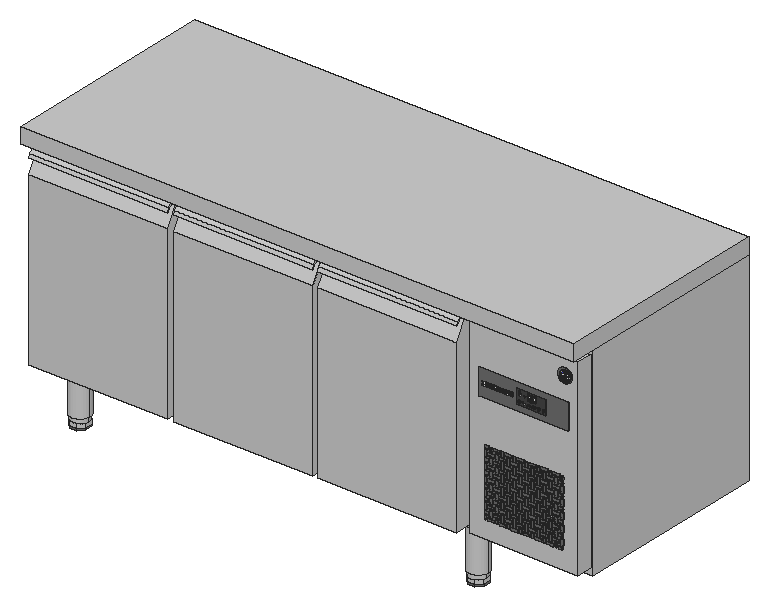
Revit family "QF_HOSHIZAKI_899020840", category Specialty Equipment, Revit 2016 (continued)
Definition of nested family "QF_HOSHIZAKI_899020840_230V_1Ph_50Hz"
  Definition of nested family "Control-panel"
    Forms (mm)
      Extrusion 1, solid
        sketch origin (-3653, 19.5, -135) x (-1, 0, 0) y (0, 0, 1)
          loop
            line (-3805.025, 276.976) -> (-3805.025, 283.976) -> (-3812.025, 283.976) -> (-3812.025, 276.976) -> (-3805.025, 276.976)
          loop
            line (-3786.025, 276.976) -> (-3786.025, 283.976) -> (-3793.025, 283.976) -> (-3793.025, 276.976) -> (-3786.025, 276.976)
          loop
            line (-3767.025, 276.976) -> (-3767.025, 283.976) -> (-3774.025, 283.976) -> (-3774.025, 276.976) -> (-3767.025, 276.976)
          loop
            line (-3748.025, 276.976) -> (-3748.025, 283.976) -> (-3755.025, 283.976) -> (-3755.025, 276.976) -> (-3748.025, 276.976)
          loop
            line (-3729.025, 276.976) -> (-3729.025, 283.976) -> (-3736.025, 283.976) -> (-3736.025, 276.976) -> (-3729.025, 276.976)
          loop
            line (-3710.025, 276.976) -> (-3710.025, 283.976) -> (-3717.025, 283.976) -> (-3717.025, 276.976) -> (-3710.025, 276.976)
          loop
            arc (-3719.5, 279.986) -> (-3723, 283.486) -> (-3726.5, 279.986) r 3.5
            line (-3726.5, 279.986) -> (-3726.5, 261.986)
            arc (-3726.5, 261.986) -> (-3723, 258.486) -> (-3719.5, 261.986) r 3.5
            line (-3719.5, 261.986) -> (-3719.5, 279.986)
          loop
            arc (-3757.5, 279.986) -> (-3761, 283.486) -> (-3764.5, 279.986) r 3.5
            line (-3764.5, 279.986) -> (-3764.5, 261.986)
            arc (-3764.5, 261.986) -> (-3761, 258.486) -> (-3757.5, 261.986) r 3.5
            line (-3757.5, 261.986) -> (-3757.5, 279.986)
          loop
            arc (-3795.5, 279.986) -> (-3799, 283.486) -> (-3802.5, 279.986) r 3.5
            line (-3802.5, 279.986) -> (-3802.5, 261.986)
            arc (-3802.5, 261.986) -> (-3799, 258.486) -> (-3795.5, 261.986) r 3.5
            line (-3795.5, 261.986) -> (-3795.5, 279.986)
          loop
            arc (-3833.5, 279.986) -> (-3837, 283.486) -> (-3840.5, 279.986) r 3.5
            line (-3840.5, 279.986) -> (-3840.5, 261.986)
            arc (-3840.5, 261.986) -> (-3837, 258.486) -> (-3833.5, 261.986) r 3.5
            line (-3833.5, 261.986) -> (-3833.5, 279.986)
          loop
            arc (-3871.5, 279.986) -> (-3875, 283.486) -> (-3878.5, 279.986) r 3.5
            line (-3878.5, 279.986) -> (-3878.5, 261.986)
            arc (-3878.5, 261.986) -> (-3875, 258.486) -> (-3871.5, 261.986) r 3.5
            line (-3871.5, 261.986) -> (-3871.5, 279.986)
          loop
            arc (-3909.5, 279.986) -> (-3913, 283.486) -> (-3916.5, 279.986) r 3.5
            line (-3916.5, 279.986) -> (-3916.5, 261.986)
            arc (-3916.5, 261.986) -> (-3913, 258.486) -> (-3909.5, 261.986) r 3.5
            line (-3909.5, 261.986) -> (-3909.5, 279.986)
          loop
            arc (-3951, 292.986) -> (-3954, 289.986) -> (-3951, 286.986) r 3
            line (-3951, 286.986) -> (-3942, 286.986)
            arc (-3942, 286.986) -> (-3939, 289.986) -> (-3942, 292.986) r 3
            line (-3942, 292.986) -> (-3951, 292.986)
          loop
            arc (-3947.5, 279.986) -> (-3951, 283.486) -> (-3954.5, 279.986) r 3.5
            line (-3954.5, 279.986) -> (-3954.5, 261.986)
            arc (-3954.5, 261.986) -> (-3951, 258.486) -> (-3947.5, 261.986) r 3.5
            line (-3947.5, 261.986) -> (-3947.5, 279.986)
          loop
            arc (-3941, 274.486) -> (-3944.5, 270.986) -> (-3941, 267.486) r 3.5
            line (-3941, 267.486) -> (-3923, 267.486)
            arc (-3923, 267.486) -> (-3919.5, 270.986) -> (-3923, 274.486) r 3.5
            line (-3923, 274.486) -> (-3941, 274.486)
          loop
            arc (-3903, 274.486) -> (-3906.5, 270.986) -> (-3903, 267.486) r 3.5
            line (-3903, 267.486) -> (-3885, 267.486)
            arc (-3885, 267.486) -> (-3881.5, 270.986) -> (-3885, 274.486) r 3.5
            line (-3885, 274.486) -> (-3903, 274.486)
          loop
            arc (-3865, 274.486) -> (-3868.5, 270.986) -> (-3865, 267.486) r 3.5
            line (-3865, 267.486) -> (-3847, 267.486)
            arc (-3847, 267.486) -> (-3843.5, 270.986) -> (-3847, 274.486) r 3.5
            line (-3847, 274.486) -> (-3865, 274.486)
          loop
            arc (-3827, 274.486) -> (-3830.5, 270.986) -> (-3827, 267.486) r 3.5
            line (-3827, 267.486) -> (-3809, 267.486)
            arc (-3809, 267.486) -> (-3805.5, 270.986) -> (-3809, 274.486) r 3.5
            line (-3809, 274.486) -> (-3827, 274.486)
          loop
            arc (-3789, 274.486) -> (-3792.5, 270.986) -> (-3789, 267.486) r 3.5
            line (-3789, 267.486) -> (-3771, 267.486)
            arc (-3771, 267.486) -> (-3767.5, 270.986) -> (-3771, 274.486) r 3.5
            line (-3771, 274.486) -> (-3789, 274.486)
          loop
            arc (-3751, 274.486) -> (-3754.5, 270.986) -> (-3751, 267.486) r 3.5
            line (-3751, 267.486) -> (-3733, 267.486)
            arc (-3733, 267.486) -> (-3729.5, 270.986) -> (-3733, 274.486) r 3.5
            line (-3733, 274.486) -> (-3751, 274.486)
          loop
            arc (-3713, 274.486) -> (-3716.5, 270.986) -> (-3713, 267.486) r 3.5
            line (-3713, 267.486) -> (-3704, 267.486)
            arc (-3704, 267.486) -> (-3700.5, 270.986) -> (-3704, 274.486) r 3.5
            line (-3704, 274.486) -> (-3713, 274.486)
          loop
            line (-3938.025, 264.996) -> (-3945.025, 264.996) -> (-3945.025, 257.996) -> (-3938.025, 257.996) -> (-3938.025, 264.996)
          loop
            line (-3919.025, 264.996) -> (-3926.025, 264.996) -> (-3926.025, 257.996) -> (-3919.025, 257.996) -> (-3919.025, 264.996)
          loop
            line (-3900.025, 264.996) -> (-3907.025, 264.996) -> (-3907.025, 257.996) -> (-3900.025, 257.996) -> (-3900.025, 264.996)
          loop
            line (-3881.025, 264.996) -> (-3888.025, 264.996) -> (-3888.025, 257.996) -> (-3881.025, 257.996) -> (-3881.025, 264.996)
          loop
            line (-3862.025, 264.996) -> (-3869.025, 264.996) -> (-3869.025, 257.996) -> (-3862.025, 257.996) -> (-3862.025, 264.996)
          loop
            line (-3843.025, 264.996) -> (-3850.025, 264.996) -> (-3850.025, 257.996) -> (-3843.025, 257.996) -> (-3843.025, 264.996)
          loop
            line (-3824.025, 264.996) -> (-3831.025, 264.996) -> (-3831.025, 257.996) -> (-3824.025, 257.996) -> (-3824.025, 264.996)
          loop
            line (-3805.025, 264.996) -> (-3812.025, 264.996) -> (-3812.025, 257.996) -> (-3805.025, 257.996) -> (-3805.025, 264.996)
          loop
            line (-3786.025, 264.996) -> (-3793.025, 264.996) -> (-3793.025, 257.996) -> (-3786.025, 257.996) -> (-3786.025, 264.996)
          loop
            line (-3767.025, 264.996) -> (-3774.025, 264.996) -> (-3774.025, 257.996) -> (-3767.025, 257.996) -> (-3767.025, 264.996)
          loop
            line (-3748.025, 264.996) -> (-3755.025, 264.996) -> (-3755.025, 257.996) -> (-3748.025, 257.996) -> (-3748.025, 264.996)
          loop
            line (-3729.025, 264.996) -> (-3736.025, 264.996) -> (-3736.025, 257.996) -> (-3729.025, 257.996) -> (-3729.025, 264.996)
          loop
            line (-3710.025, 264.996) -> (-3717.025, 264.996) -> (-3717.025, 257.996) -> (-3710.025, 257.996) -> (-3710.025, 264.996)
          loop
            line (-3935.5, 260.986) -> (-3935.5, 242.986)
            arc (-3935.5, 242.986) -> (-3932, 239.486) -> (-3928.5, 242.986) r 3.5
            line (-3928.5, 242.986) -> (-3928.5, 260.986)
            arc (-3928.5, 260.986) -> (-3932, 264.486) -> (-3935.5, 260.986) r 3.5
          loop
            line (-3897.5, 260.986) -> (-3897.5, 242.986)
            arc (-3897.5, 242.986) -> (-3894, 239.486) -> (-3890.5, 242.986) r 3.5
            line (-3890.5, 242.986) -> (-3890.5, 260.986)
            arc (-3890.5, 260.986) -> (-3894, 264.486) -> (-3897.5, 260.986) r 3.5
          loop
            line (-3859.5, 260.986) -> (-3859.5, 242.986)
            arc (-3859.5, 242.986) -> (-3856, 239.486) -> (-3852.5, 242.986) r 3.5
            line (-3852.5, 242.986) -> (-3852.5, 260.986)
            arc (-3852.5, 260.986) -> (-3856, 264.486) -> (-3859.5, 260.986) r 3.5
          loop
            line (-3821.5, 260.986) -> (-3821.5, 242.986)
            arc (-3821.5, 242.986) -> (-3818, 239.486) -> (-3814.5, 242.986) r 3.5
            line (-3814.5, 242.986) -> (-3814.5, 260.986)
            arc (-3814.5, 260.986) -> (-3818, 264.486) -> (-3821.5, 260.986) r 3.5
          loop
            line (-3783.5, 260.986) -> (-3783.5, 242.986)
            arc (-3783.5, 242.986) -> (-3780, 239.486) -> (-3776.5, 242.986) r 3.5
            line (-3776.5, 242.986) -> (-3776.5, 260.986)
            arc (-3776.5, 260.986) -> (-3780, 264.486) -> (-3783.5, 260.986) r 3.5
          loop
            line (-3745.5, 260.986) -> (-3745.5, 242.986)
            arc (-3745.5, 242.986) -> (-3742, 239.486) -> (-3738.5, 242.986) r 3.5
            line (-3738.5, 242.986) -> (-3738.5, 260.986)
            arc (-3738.5, 260.986) -> (-3742, 264.486) -> (-3745.5, 260.986) r 3.5
          loop
            line (-3707.5, 260.986) -> (-3707.5, 242.986)
            arc (-3707.5, 242.986) -> (-3704, 239.486) -> (-3700.5, 242.986) r 3.5
            line (-3700.5, 242.986) -> (-3700.5, 260.986)
            arc (-3700.5, 260.986) -> (-3704, 264.486) -> (-3707.5, 260.986) r 3.5
          loop
            arc (-3922, 255.486) -> (-3925.5, 251.986) -> (-3922, 248.486) r 3.5
            line (-3922, 248.486) -> (-3904, 248.486)
            arc (-3904, 248.486) -> (-3900.5, 251.986) -> (-3904, 255.486) r 3.5
            line (-3904, 255.486) -> (-3922, 255.486)
          loop
            arc (-3884, 255.486) -> (-3887.5, 251.986) -> (-3884, 248.486) r 3.5
            line (-3884, 248.486) -> (-3866, 248.486)
            arc (-3866, 248.486) -> (-3862.5, 251.986) -> (-3866, 255.486) r 3.5
            line (-3866, 255.486) -> (-3884, 255.486)
          loop
            arc (-3846, 255.486) -> (-3849.5, 251.986) -> (-3846, 248.486) r 3.5
            line (-3846, 248.486) -> (-3828, 248.486)
            arc (-3828, 248.486) -> (-3824.5, 251.986) -> (-3828, 255.486) r 3.5
            line (-3828, 255.486) -> (-3846, 255.486)
          loop
            arc (-3808, 255.486) -> (-3811.5, 251.986) -> (-3808, 248.486) r 3.5
            line (-3808, 248.486) -> (-3790, 248.486)
            arc (-3790, 248.486) -> (-3786.5, 251.986) -> (-3790, 255.486) r 3.5
            line (-3790, 255.486) -> (-3808, 255.486)
          loop
            arc (-3770, 255.486) -> (-3773.5, 251.986) -> (-3770, 248.486) r 3.5
            line (-3770, 248.486) -> (-3752, 248.486)
            arc (-3752, 248.486) -> (-3748.5, 251.986) -> (-3752, 255.486) r 3.5
            line (-3752, 255.486) -> (-3770, 255.486)
          loop
            arc (-3732, 255.486) -> (-3735.5, 251.986) -> (-3732, 248.486) r 3.5
            line (-3732, 248.486) -> (-3714, 248.486)
            arc (-3714, 248.486) -> (-3710.5, 251.986) -> (-3714, 255.486) r 3.5
            line (-3714, 255.486) -> (-3732, 255.486)
          loop
            line (-3938.025, 238.976) -> (-3938.025, 245.976) -> (-3945.025, 245.976) -> (-3945.025, 238.976) -> (-3938.025, 238.976)
          loop
            line (-3919.025, 238.976) -> (-3919.025, 245.976) -> (-3926.025, 245.976) -> (-3926.025, 238.976) -> (-3919.025, 238.976)
          loop
            line (-3900.025, 238.976) -> (-3900.025, 245.976) -> (-3907.025, 245.976) -> (-3907.025, 238.976) -> (-3900.025, 238.976)
          loop
            line (-3881.025, 238.976) -> (-3881.025, 245.976) -> (-3888.025, 245.976) -> (-3888.025, 238.976) -> (-3881.025, 238.976)
          loop
            line (-3862.025, 238.976) -> (-3862.025, 245.976) -> (-3869.025, 245.976) -> (-3869.025, 238.976) -> (-3862.025, 238.976)
          loop
            line (-3843.025, 238.976) -> (-3843.025, 245.976) -> (-3850.025, 245.976) -> (-3850.025, 238.976) -> (-3843.025, 238.976)
          loop
            line (-3824.025, 238.976) -> (-3824.025, 245.976) -> (-3831.025, 245.976) -> (-3831.025, 238.976) -> (-3824.025, 238.976)
          loop
            line (-3805.025, 238.976) -> (-3805.025, 245.976) -> (-3812.025, 245.976) -> (-3812.025, 238.976) -> (-3805.025, 238.976)
          loop
            line (-3786.025, 238.976) -> (-3786.025, 245.976) -> (-3793.025, 245.976) -> (-3793.025, 238.976) -> (-3786.025, 238.976)
          loop
            line (-3767.025, 238.976) -> (-3767.025, 245.976) -> (-3774.025, 245.976) -> (-3774.025, 238.976) -> (-3767.025, 238.976)
          loop
            line (-3748.025, 238.976) -> (-3748.025, 245.976) -> (-3755.025, 245.976) -> (-3755.025, 238.976) -> (-3748.025, 238.976)
          loop
            line (-3729.025, 238.976) -> (-3729.025, 245.976) -> (-3736.025, 245.976) -> (-3736.025, 238.976) -> (-3729.025, 238.976)
          loop
            line (-3710.025, 238.976) -> (-3710.025, 245.976) -> (-3717.025, 245.976) -> (-3717.025, 238.976) -> (-3710.025, 238.976)
          loop
            arc (-3719.5, 241.986) -> (-3723, 245.486) -> (-3726.5, 241.986) r 3.5
            line (-3726.5, 241.986) -> (-3726.5, 223.986)
            arc (-3726.5, 223.986) -> (-3723, 220.486) -> (-3719.5, 223.986) r 3.5
            line (-3719.5, 223.986) -> (-3719.5, 241.986)
          loop
            arc (-3757.5, 241.986) -> (-3761, 245.486) -> (-3764.5, 241.986) r 3.5
            line (-3764.5, 241.986) -> (-3764.5, 223.986)
            arc (-3764.5, 223.986) -> (-3761, 220.486) -> (-3757.5, 223.986) r 3.5
            line (-3757.5, 223.986) -> (-3757.5, 241.986)
          loop
            arc (-3795.5, 241.986) -> (-3799, 245.486) -> (-3802.5, 241.986) r 3.5
            line (-3802.5, 241.986) -> (-3802.5, 223.986)
            arc (-3802.5, 223.986) -> (-3799, 220.486) -> (-3795.5, 223.986) r 3.5
            line (-3795.5, 223.986) -> (-3795.5, 241.986)
          loop
            arc (-3833.5, 241.986) -> (-3837, 245.486) -> (-3840.5, 241.986) r 3.5
            line (-3840.5, 241.986) -> (-3840.5, 223.986)
            arc (-3840.5, 223.986) -> (-3837, 220.486) -> (-3833.5, 223.986) r 3.5
            line (-3833.5, 223.986) -> (-3833.5, 241.986)
          loop
            arc (-3871.5, 241.986) -> (-3875, 245.486) -> (-3878.5, 241.986) r 3.5
            line (-3878.5, 241.986) -> (-3878.5, 223.986)
            arc (-3878.5, 223.986) -> (-3875, 220.486) -> (-3871.5, 223.986) r 3.5
            line (-3871.5, 223.986) -> (-3871.5, 241.986)
          loop
            arc (-3909.5, 241.986) -> (-3913, 245.486) -> (-3916.5, 241.986) r 3.5
            line (-3916.5, 241.986) -> (-3916.5, 223.986)
            arc (-3916.5, 223.986) -> (-3913, 220.486) -> (-3909.5, 223.986) r 3.5
            line (-3909.5, 223.986) -> (-3909.5, 241.986)
          loop
            arc (-3951, 254.986) -> (-3954, 251.986) -> (-3951, 248.986) r 3
            line (-3951, 248.986) -> (-3942, 248.986)
            arc (-3942, 248.986) -> (-3939, 251.986) -> (-3942, 254.986) r 3
            line (-3942, 254.986) -> (-3951, 254.986)
          loop
            arc (-3947.5, 241.986) -> (-3951, 245.486) -> (-3954.5, 241.986) r 3.5
            line (-3954.5, 241.986) -> (-3954.5, 223.986)
            arc (-3954.5, 223.986) -> (-3951, 220.486) -> (-3947.5, 223.986) r 3.5
            line (-3947.5, 223.986) -> (-3947.5, 241.986)
          loop
            arc (-3941, 236.486) -> (-3944.5, 232.986) -> (-3941, 229.486) r 3.5
            line (-3941, 229.486) -> (-3923, 229.486)
            arc (-3923, 229.486) -> (-3919.5, 232.986) -> (-3923, 236.486) r 3.5
            line (-3923, 236.486) -> (-3941, 236.486)
          loop
            arc (-3903, 236.486) -> (-3906.5, 232.986) -> (-3903, 229.486) r 3.5
            line (-3903, 229.486) -> (-3885, 229.486)
            arc (-3885, 229.486) -> (-3881.5, 232.986) -> (-3885, 236.486) r 3.5
            line (-3885, 236.486) -> (-3903, 236.486)
          loop
            arc (-3865, 236.486) -> (-3868.5, 232.986) -> (-3865, 229.486) r 3.5
            line (-3865, 229.486) -> (-3847, 229.486)
            arc (-3847, 229.486) -> (-3843.5, 232.986) -> (-3847, 236.486) r 3.5
            line (-3847, 236.486) -> (-3865, 236.486)
          loop
            arc (-3827, 236.486) -> (-3830.5, 232.986) -> (-3827, 229.486) r 3.5
            line (-3827, 229.486) -> (-3809, 229.486)
            arc (-3809, 229.486) -> (-3805.5, 232.986) -> (-3809, 236.486) r 3.5
            line (-3809, 236.486) -> (-3827, 236.486)
          loop
            arc (-3789, 236.486) -> (-3792.5, 232.986) -> (-3789, 229.486) r 3.5
            line (-3789, 229.486) -> (-3771, 229.486)
            arc (-3771, 229.486) -> (-3767.5, 232.986) -> (-3771, 236.486) r 3.5
            line (-3771, 236.486) -> (-3789, 236.486)
          loop
            arc (-3751, 236.486) -> (-3754.5, 232.986) -> (-3751, 229.486) r 3.5
            line (-3751, 229.486) -> (-3733, 229.486)
            arc (-3733, 229.486) -> (-3729.5, 232.986) -> (-3733, 236.486) r 3.5
            line (-3733, 236.486) -> (-3751, 236.486)
          loop
            arc (-3713, 236.486) -> (-3716.5, 232.986) -> (-3713, 229.486) r 3.5
            line (-3713, 229.486) -> (-3704, 229.486)
            arc (-3704, 229.486) -> (-3700.5, 232.986) -> (-3704, 236.486) r 3.5
            line (-3704, 236.486) -> (-3713, 236.486)
          loop
            line (-3938.025, 226.996) -> (-3945.025, 226.996) -> (-3945.025, 219.996) -> (-3938.025, 219.996) -> (-3938.025, 226.996)
          loop
            line (-3919.025, 226.996) -> (-3926.025, 226.996) -> (-3926.025, 219.996) -> (-3919.025, 219.996) -> (-3919.025, 226.996)
          loop
            line (-3900.025, 226.996) -> (-3907.025, 226.996) -> (-3907.025, 219.996) -> (-3900.025, 219.996) -> (-3900.025, 226.996)
          loop
            line (-3881.025, 226.996) -> (-3888.025, 226.996) -> (-3888.025, 219.996) -> (-3881.025, 219.996) -> (-3881.025, 226.996)
          loop
            line (-3862.025, 226.996) -> (-3869.025, 226.996) -> (-3869.025, 219.996) -> (-3862.025, 219.996) -> (-3862.025, 226.996)
          loop
            line (-3843.025, 226.996) -> (-3850.025, 226.996) -> (-3850.025, 219.996) -> (-3843.025, 219.996) -> (-3843.025, 226.996)
          loop
            line (-3824.025, 226.996) -> (-3831.025, 226.996) -> (-3831.025, 219.996) -> (-3824.025, 219.996) -> (-3824.025, 226.996)
          loop
            line (-3805.025, 226.996) -> (-3812.025, 226.996) -> (-3812.025, 219.996) -> (-3805.025, 219.996) -> (-3805.025, 226.996)
          loop
            line (-3786.025, 226.996) -> (-3793.025, 226.996) -> (-3793.025, 219.996) -> (-3786.025, 219.996) -> (-3786.025, 226.996)
          loop
            line (-3767.025, 226.996) -> (-3774.025, 226.996) -> (-3774.025, 219.996) -> (-3767.025, 219.996) -> (-3767.025, 226.996)
          loop
            line (-3748.025, 226.996) -> (-3755.025, 226.996) -> (-3755.025, 219.996) -> (-3748.025, 219.996) -> (-3748.025, 226.996)
          loop
            line (-3729.025, 226.996) -> (-3736.025, 226.996) -> (-3736.025, 219.996) -> (-3729.025, 219.996) -> (-3729.025, 226.996)
          loop
            line (-3710.025, 226.996) -> (-3717.025, 226.996) -> (-3717.025, 219.996) -> (-3710.025, 219.996) -> (-3710.025, 226.996)
          loop
            arc (-3922, 217.486) -> (-3925.5, 213.986) -> (-3922, 210.486) r 3.5
            line (-3922, 210.486) -> (-3904, 210.486)
            arc (-3904, 210.486) -> (-3900.5, 213.986) -> (-3904, 217.486) r 3.5
            line (-3904, 217.486) -> (-3922, 217.486)
          loop
            arc (-3884, 217.486) -> (-3887.5, 213.986) -> (-3884, 210.486) r 3.5
            line (-3884, 210.486) -> (-3866, 210.486)
            arc (-3866, 210.486) -> (-3862.5, 213.986) -> (-3866, 217.486) r 3.5
            line (-3866, 217.486) -> (-3884, 217.486)
          loop
            arc (-3846, 217.486) -> (-3849.5, 213.986) -> (-3846, 210.486) r 3.5
            line (-3846, 210.486) -> (-3828, 210.486)
            arc (-3828, 210.486) -> (-3824.5, 213.986) -> (-3828, 217.486) r 3.5
            line (-3828, 217.486) -> (-3846, 217.486)
          loop
            arc (-3808, 217.486) -> (-3811.5, 213.986) -> (-3808, 210.486) r 3.5
            line (-3808, 210.486) -> (-3790, 210.486)
            arc (-3790, 210.486) -> (-3786.5, 213.986) -> (-3790, 217.486) r 3.5
            line (-3790, 217.486) -> (-3808, 217.486)
          loop
            arc (-3770, 217.486) -> (-3773.5, 213.986) -> (-3770, 210.486) r 3.5
            line (-3770, 210.486) -> (-3752, 210.486)
            arc (-3752, 210.486) -> (-3748.5, 213.986) -> (-3752, 217.486) r 3.5
            line (-3752, 217.486) -> (-3770, 217.486)
          loop
            arc (-3732, 217.486) -> (-3735.5, 213.986) -> (-3732, 210.486) r 3.5
            line (-3732, 210.486) -> (-3714, 210.486)
            arc (-3714, 210.486) -> (-3710.5, 213.986) -> (-3714, 217.486) r 3.5
            line (-3714, 217.486) -> (-3732, 217.486)
          loop
            arc (-3951, 216.986) -> (-3954, 213.986) -> (-3951, 210.986) r 3
            line (-3951, 210.986) -> (-3942, 210.986)
            arc (-3942, 210.986) -> (-3939, 213.986) -> (-3942, 216.986) r 3
            line (-3942, 216.986) -> (-3951, 216.986)
          loop
            arc (-3701, 223.486) -> (-3704, 226.486) -> (-3707, 223.486) r 3
            line (-3707, 223.486) -> (-3707, 214.486)
            arc (-3707, 214.486) -> (-3704, 211.486) -> (-3701, 214.486) r 3
            line (-3701, 214.486) -> (-3701, 223.486)
          loop
            arc (-3739, 223.486) -> (-3742, 226.486) -> (-3745, 223.486) r 3
            line (-3745, 223.486) -> (-3745, 214.486)
            arc (-3745, 214.486) -> (-3742, 211.486) -> (-3739, 214.486) r 3
            line (-3739, 214.486) -> (-3739, 223.486)
          loop
            arc (-3777, 223.486) -> (-3780, 226.486) -> (-3783, 223.486) r 3
            line (-3783, 223.486) -> (-3783, 214.486)
            arc (-3783, 214.486) -> (-3780, 211.486) -> (-3777, 214.486) r 3
            line (-3777, 214.486) -> (-3777, 223.486)
          loop
            arc (-3815, 223.486) -> (-3818, 226.486) -> (-3821, 223.486) r 3
            line (-3821, 223.486) -> (-3821, 214.486)
            arc (-3821, 214.486) -> (-3818, 211.486) -> (-3815, 214.486) r 3
            line (-3815, 214.486) -> (-3815, 223.486)
          loop
            arc (-3853, 223.486) -> (-3856, 226.486) -> (-3859, 223.486) r 3
            line (-3859, 223.486) -> (-3859, 214.486)
            arc (-3859, 214.486) -> (-3856, 211.486) -> (-3853, 214.486) r 3
            line (-3853, 214.486) -> (-3853, 223.486)
          loop
            arc (-3891, 223.486) -> (-3894, 226.486) -> (-3897, 223.486) r 3
            line (-3897, 223.486) -> (-3897, 214.486)
            arc (-3897, 214.486) -> (-3894, 211.486) -> (-3891, 214.486) r 3
            line (-3891, 214.486) -> (-3891, 223.486)
          loop
            arc (-3929, 223.486) -> (-3932, 226.486) -> (-3935, 223.486) r 3
            line (-3935, 223.486) -> (-3935, 214.486)
            arc (-3935, 214.486) -> (-3932, 211.486) -> (-3929, 214.486) r 3
            line (-3929, 214.486) -> (-3929, 223.486)
        from 5.5 to 7.5
      Extrusion 2, solid
        sketch origin (-1812, 19.5, -302.5) x (-1, 0, 0) y (0, 0, 1)
          loop
            line (-2131, 808) -> (-2131, 731)
            arc (-2131, 731) -> (-2130.121, 728.879) -> (-2128, 728) r 3
            line (-2128, 728) -> (-1845, 728)
            arc (-1845, 728) -> (-1842.879, 728.879) -> (-1842, 731) r 3
            line (-1842, 731) -> (-1842, 808)
            arc (-1842, 808) -> (-1842.879, 810.121) -> (-1845, 811) r 3
            line (-1845, 811) -> (-2128, 811)
            arc (-2128, 811) -> (-2130.121, 810.121) -> (-2131, 808) r 3
        from 5.5 to 7.5
      Extrusion 3, solid
        sketch origin (-1721.829, 19.5, -302.5) x (-1, 0, 0) y (0, 0, 1)
          loop
            line (-1873, 793) -> (-1968.159, 793) -> (-1968.159, 746) -> (-1873, 746) -> (-1873, 793)
        from 5 to 7.5
      Extrusion 4, solid, visible <- "Show Logo"
        sketch origin (-1807, 19.5, -188.5) x (-1, 0, 0) y (0, 0, 1)
          loop
            circle (-2113.5, 769.5) r 13.99
        from 4.5 to 6
      Extrusion 5, solid, visible <- "Show Logo"
        sketch origin (-1807, 19.5, -188.5) x (-1, 0, 0) y (0, 0, 1)
          loop
            circle (-2113.5, 769.5) r 15
          loop
            line (-2126.5, 769.5) -> (-2120.846, 773.459) -> (-2118.907, 773.459) -> (-2118.036, 763.497) -> (-2119.632, 763.497) -> (-2117.808, 760.891) -> (-2122.091, 759.743)
            arc (-2122.091, 759.743) -> (-2112.99, 756.51) -> (-2104.171, 760.446) r 13
            line (-2104.171, 760.446) -> (-2111.913, 760.446) -> (-2113.024, 758.523) -> (-2117.6, 758.523) -> (-2113.951, 764.843) -> (-2112.168, 762.297) -> (-2110.969, 763.497) -> (-2112.161, 767.945) -> (-2112.983, 771.014) -> (-2114.045, 774.979) -> (-2115.629, 777.241) -> (-2111.344, 777.241) -> (-2110.01, 772.26) -> (-2108.361, 772.26) -> (-2107.029, 770.928) -> (-2104.038, 769.201) -> (-2103.03, 765.437) -> (-2100.604, 767.863)
            arc (-2100.604, 767.863) -> (-2112.68, 782.474) -> (-2126.5, 769.5) r 13
          loop
            arc (-2125.531, 764.467) -> (-2124.506, 762.602) -> (-2123.241, 760.891) r 15.828
            line (-2123.241, 760.891) -> (-2121.071, 768.926) -> (-2125.531, 764.467)
          loop
            line (-2109.801, 769.877) -> (-2109.801, 764.664) -> (-2108.483, 768.285) -> (-2106.744, 769.399) -> (-2109.801, 769.877)
          loop
            line (-2108.558, 762.979) -> (-2105.47, 762.035) -> (-2104.504, 761.224) -> (-2103.812, 761.916) -> (-2105.089, 763.908) -> (-2108.558, 762.979)
          loop
            line (-2110.775, 779.307) -> (-2108.457, 780.388) -> (-2110.775, 781.009) -> (-2110.775, 779.307)
          loop
            line (-2113.024, 781.662) -> (-2115.087, 781.11) -> (-2114.199, 779.205) -> (-2112.584, 779.638) -> (-2113.79, 780.335) -> (-2113.024, 781.662)
          loop
            line (-2113.762, 753.783) -> (-2114.844, 752.701) -> (-2116.385, 752.701) -> (-2115.329, 751.645) -> (-2115.642, 749.874) -> (-2113.762, 750.959) -> (-2111.881, 749.874) -> (-2112.194, 751.645) -> (-2111.138, 752.701) -> (-2112.679, 752.701) -> (-2113.762, 753.783)
          loop
            line (-2126.524, 760.7) -> (-2128.032, 760.965) -> (-2128.916, 762.228) -> (-2129.176, 760.757) -> (-2130.805, 759.997) -> (-2128.838, 759.08) -> (-2128.648, 756.917) -> (-2127.377, 758.188) -> (-2125.906, 757.929) -> (-2126.79, 759.191) -> (-2126.524, 760.7)
          loop
            line (-2120.989, 755.68) -> (-2122.45, 755.219) -> (-2123.816, 755.931) -> (-2123.367, 754.507) -> (-2124.462, 753.08) -> (-2122.293, 753.175) -> (-2121.127, 751.344) -> (-2120.586, 753.059) -> (-2119.162, 753.508) -> (-2120.529, 754.219) -> (-2120.989, 755.68)
          loop
            line (-2100.476, 760.7) -> (-2100.21, 759.191) -> (-2101.094, 757.929) -> (-2099.623, 758.188) -> (-2098.352, 756.917) -> (-2098.162, 759.08) -> (-2096.195, 759.997) -> (-2097.824, 760.757) -> (-2098.084, 762.228) -> (-2098.968, 760.965) -> (-2100.476, 760.7)
          loop
            line (-2106.011, 755.68) -> (-2106.471, 754.219) -> (-2107.838, 753.508) -> (-2106.414, 753.059) -> (-2105.873, 751.344) -> (-2104.707, 753.175) -> (-2102.538, 753.08) -> (-2103.633, 754.507) -> (-2103.184, 755.931) -> (-2104.55, 755.219) -> (-2106.011, 755.68)
        from 4 to 6
      Extrusion 6, solid, visible <- "Show Logo"
        sketch origin (-1807, 19.5, -188.5) x (-1, 0, 0) y (0, 0, 1)
          loop
            line (-2110.775, 781.009) -> (-2112.201, 782.435)
            arc (-2112.201, 782.435) -> (-2113.187, 782.496) -> (-2114.172, 782.435) r 8.046
            arc (-2114.172, 782.435) -> (-2116.517, 781.025) -> (-2117.04, 778.339) r 3.366
            line (-2117.04, 778.339) -> (-2118.907, 773.459) -> (-2117.808, 760.891) -> (-2119.436, 758.565) -> (-2117.576, 758.565) -> (-2113.951, 764.843) -> (-2112.168, 762.297) -> (-2110.969, 763.497) -> (-2114.045, 774.979) -> (-2115.629, 777.241) -> (-2111.299, 777.241) -> (-2110.775, 779.307) -> (-2110.775, 781.009)
          loop
            line (-2116.531, 758.523) -> (-2117.14, 757.468) -> (-2111.822, 757.468) -> (-2112.761, 758.407) -> (-2109.605, 758.407) -> (-2110.682, 759.485) -> (-2112.469, 759.485) -> (-2113.024, 758.523) -> (-2116.531, 758.523)
          loop
            line (-2113.024, 781.662) -> (-2115.087, 781.11) -> (-2114.199, 779.205) -> (-2112.584, 779.638) -> (-2113.79, 780.335) -> (-2113.024, 781.662)
        from 4 to 6
      Extrusion 7, solid, visible <- "Show Logo"
        sketch origin (-1807, 19.5, -188.5) x (-1, 0, 0) y (0, 0, 1)
          loop
            circle (-2113.5, 769.5) r 22.5
        from 5 to 7.5
      Extrusion 8, solid
        sketch origin (-1721.829, 19.5, -302.5) x (-1, 0, 0) y (0, 0, 1)
          loop
            line (-1897.356, 754.233) -> (-1901.676, 760.18) -> (-1902.485, 759.592) -> (-1897.356, 752.532) -> (-1892.226, 759.592) -> (-1893.035, 760.18) -> (-1897.356, 754.233)
          loop
            line (-1895.298, 779.667) -> (-1903.298, 779.667) -> (-1899.298, 774.161) -> (-1895.298, 779.667)
          loop
            arc (-1884, 780.828) -> (-1883, 775) -> (-1882, 780.828) r 3
            line (-1882, 780.828) -> (-1882, 789)
            arc (-1882, 789) -> (-1883, 790) -> (-1884, 789) r 1
            line (-1884, 789) -> (-1884, 780.828)
          loop
            line (-1936.977, 758.753) -> (-1936.977, 757.753) -> (-1935.558, 757.753) -> (-1935.558, 753.753) -> (-1934.558, 753.753) -> (-1934.558, 757.753) -> (-1933.139, 757.753) -> (-1933.139, 758.753) -> (-1936.977, 758.753)
          loop
            line (-1932.115, 758.753) -> (-1932.115, 757.753) -> (-1929.56, 757.753) -> (-1929.56, 756.753) -> (-1932.115, 756.753) -> (-1932.115, 755.753) -> (-1929.56, 755.753) -> (-1929.56, 754.846) -> (-1932.115, 754.846) -> (-1932.115, 753.959) -> (-1928.597, 753.959) -> (-1928.597, 758.753) -> (-1932.115, 758.753)
          loop
            arc (-1924.65, 754.079) -> (-1924.044, 754.636) -> (-1923.817, 755.427) r 1.523
            line (-1923.817, 755.427) -> (-1924.894, 755.427)
            arc (-1924.894, 755.427) -> (-1925.223, 754.677) -> (-1926.036, 754.57) r 0.834
            arc (-1926.036, 754.57) -> (-1926.426, 755.149) -> (-1926.036, 755.728) r 0.624
            line (-1926.036, 755.728) -> (-1924.4, 756.389)
            arc (-1924.4, 756.389) -> (-1923.819, 757.429) -> (-1924.4, 758.468) r 1.22
            arc (-1924.4, 758.468) -> (-1925.609, 758.837) -> (-1926.845, 758.566) r 2.5
            arc (-1926.845, 758.566) -> (-1927.43, 758.007) -> (-1927.61, 757.218) r 1.408
            line (-1927.61, 757.218) -> (-1926.501, 757.218)
            arc (-1926.501, 757.218) -> (-1926.119, 757.761) -> (-1925.46, 757.843) r 0.819
            arc (-1925.46, 757.843) -> (-1925.082, 757.298) -> (-1925.527, 756.805) r 0.534
            arc (-1925.527, 756.805) -> (-1926.174, 756.645) -> (-1926.79, 756.389) r 4.401
            arc (-1926.79, 756.389) -> (-1927.499, 755.234) -> (-1926.79, 754.079) r 1.296
            arc (-1926.79, 754.079) -> (-1925.72, 753.823) -> (-1924.65, 754.079) r 2.364
          loop
            line (-1958.87, 752.532) -> (-1958.87, 755.934)
            arc (-1958.87, 755.934) -> (-1958.222, 756.503) -> (-1957.723, 757.207) r 3.697
            arc (-1957.723, 757.207) -> (-1957.553, 757.851) -> (-1957.699, 758.502) r 1.401
            arc (-1957.699, 758.502) -> (-1958.144, 759.265) -> (-1958.709, 759.944) r 5.307
            arc (-1958.709, 759.944) -> (-1959.239, 760.424) -> (-1959.82, 760.841) r 6.284
            arc (-1959.82, 760.841) -> (-1960.356, 760.997) -> (-1960.892, 760.841) r 1
            arc (-1960.892, 760.841) -> (-1961.473, 760.424) -> (-1962.003, 759.944) r 6.284
            arc (-1962.003, 759.944) -> (-1962.568, 759.265) -> (-1963.013, 758.502) r 5.307
            arc (-1963.013, 758.502) -> (-1963.159, 757.851) -> (-1962.988, 757.207) r 1.401
            arc (-1962.988, 757.207) -> (-1962.49, 756.503) -> (-1961.842, 755.934) r 3.697
            line (-1961.842, 755.934) -> (-1961.842, 752.532) -> (-1958.87, 752.532)
          loop
            line (-1882.858, 757.309) -> (-1881.853, 757.309) -> (-1881.853, 762) -> (-1882.858, 762) -> (-1882.858, 757.309)
          loop
            line (-1881.418, 759.222) -> (-1881.418, 760.609)
            arc (-1881.418, 760.609) -> (-1882.356, 752) -> (-1883.294, 760.609) r 4.356
            line (-1883.294, 760.609) -> (-1883.294, 759.222)
            arc (-1883.294, 759.222) -> (-1882.356, 753.34) -> (-1881.418, 759.222) r 3.016
          loop
            line (-1942.482, 755.817) -> (-1943.482, 755.817) -> (-1943.482, 752.817) -> (-1942.482, 752.817) -> (-1942.482, 755.817)
          loop
            line (-1944.856, 754.447) -> (-1945.856, 754.447) -> (-1945.856, 751.447) -> (-1944.856, 751.447) -> (-1944.856, 754.447)
          loop
            line (-1948.23, 755.817) -> (-1948.23, 752.817) -> (-1947.23, 752.817) -> (-1947.23, 755.817) -> (-1948.23, 755.817)
          loop
            line (-1945.356, 755.607) -> (-1942.858, 757.356) -> (-1943.431, 758.175) -> (-1945.356, 756.827) -> (-1947.28, 758.175) -> (-1947.854, 757.356) -> (-1945.356, 755.607)
          loop
            line (-1945.356, 758.296) -> (-1943.128, 760.523) -> (-1943.835, 761.23) -> (-1945.356, 759.71) -> (-1946.876, 761.23) -> (-1947.583, 760.523) -> (-1945.356, 758.296)
          loop
            line (-1912.356, 758.479) -> (-1908.035, 752.532) -> (-1907.226, 753.12) -> (-1912.356, 760.18) -> (-1917.485, 753.12) -> (-1916.676, 752.532) -> (-1912.356, 758.479)
          loop
            line (-1919.965, 768) -> (-1908.298, 768) -> (-1908.298, 779.667) -> (-1916.632, 779.667) -> (-1916.632, 784.667) -> (-1908.298, 784.667) -> (-1908.298, 788) -> (-1919.965, 788) -> (-1919.965, 776.333) -> (-1911.632, 776.333) -> (-1911.632, 771.333) -> (-1919.965, 771.333) -> (-1919.965, 768)
          loop
            line (-1934.965, 768) -> (-1923.298, 768) -> (-1923.298, 779.667) -> (-1931.632, 779.667) -> (-1931.632, 784.667) -> (-1923.298, 784.667) -> (-1923.298, 788) -> (-1934.965, 788) -> (-1934.965, 776.333) -> (-1926.632, 776.333) -> (-1926.632, 771.333) -> (-1934.965, 771.333) -> (-1934.965, 768)
        from 5 to 7.5
      Extrusion 9, solid, visible <- "Show Logo"
        sketch origin (5.605, 25.5, -94.508) x (-1, 0, 0) y (0, 0, 1)
          loop
            line (-34.966, 567.015) -> (-40.766, 567.015) -> (-40.766, 565.73) -> (-38.944, 564.902) -> (-38.944, 562.682) -> (-43.554, 562.682) -> (-43.554, 564.902) -> (-41.731, 565.73) -> (-41.731, 567.015) -> (-47.532, 567.015) -> (-47.532, 565.73) -> (-46.098, 564.902) -> (-46.098, 558.114) -> (-47.532, 557.286) -> (-47.532, 556) -> (-41.731, 556) -> (-41.731, 557.286) -> (-43.554, 558.114) -> (-43.554, 560.673) -> (-38.944, 560.673) -> (-38.944, 558.114) -> (-40.766, 557.286) -> (-40.766, 556) -> (-34.966, 556) -> (-34.966, 557.286) -> (-36.4, 558.114) -> (-36.4, 564.902) -> (-34.966, 565.73) -> (-34.966, 567.015)
          loop
            spline (-53.399, 556.042) -> (-51.878, 556.229) -> (-50.461, 556.777) -> (-49.244, 557.649) -> (-48.31, 558.785) -> (-47.723, 560.108) -> (-47.523, 561.528) -> (-47.723, 562.949) -> (-48.31, 564.272) -> (-49.244, 565.408) -> (-50.461, 566.28) -> (-51.878, 566.828) -> (-53.399, 567.015)
            spline (-53.399, 567.015) -> (-54.92, 566.828) -> (-56.337, 566.28) -> (-57.554, 565.408) -> (-58.488, 564.272) -> (-59.075, 562.949) -> (-59.276, 561.528) -> (-59.075, 560.108) -> (-58.488, 558.785) -> (-57.554, 557.649) -> (-56.337, 556.777) -> (-54.92, 556.229) -> (-53.399, 556.042)
          loop
            spline (-53.299, 557.388) -> (-52.547, 557.529) -> (-51.847, 557.943) -> (-51.245, 558.601) -> (-50.784, 559.458) -> (-50.493, 560.457) -> (-50.394, 561.528) -> (-50.493, 562.6) -> (-50.784, 563.598) -> (-51.245, 564.456) -> (-51.847, 565.114) -> (-52.547, 565.527) -> (-53.299, 565.668)
            spline (-53.299, 565.668) -> (-54.051, 565.527) -> (-54.752, 565.114) -> (-55.353, 564.456) -> (-55.815, 563.598) -> (-56.105, 562.6) -> (-56.204, 561.528) -> (-56.105, 560.457) -> (-55.815, 559.458) -> (-55.353, 558.601) -> (-54.752, 557.943) -> (-54.051, 557.529) -> (-53.299, 557.388)
          loop
            line (-69.829, 567.094) -> (-69.829, 563.369) -> (-68.139, 563.369) -> (-66.541, 565.495)
            arc (-66.541, 565.495) -> (-65.019, 565.695) -> (-63.498, 565.495) r 5.879
            arc (-63.498, 565.495) -> (-62.682, 564.432) -> (-63.498, 563.369) r 1.1
            line (-63.498, 563.369) -> (-69.29, 561.817)
            arc (-69.29, 561.817) -> (-70.234, 559.317) -> (-69.29, 556.817) r 3.783
            arc (-69.29, 556.817) -> (-65.84, 555.742) -> (-62.391, 556.817) r 6.071
            line (-62.391, 556.817) -> (-61.743, 556.17) -> (-59.855, 556.17) -> (-59.855, 559.779) -> (-61.862, 559.779) -> (-63.839, 557.802)
            arc (-63.839, 557.802) -> (-65.344, 557.537) -> (-66.85, 557.802) r 4.401
            arc (-66.85, 557.802) -> (-67.476, 558.697) -> (-66.85, 559.592) r 0.953
            line (-66.85, 559.592) -> (-61.612, 561.499)
            arc (-61.612, 561.499) -> (-59.989, 563.999) -> (-61.612, 566.499) r 2.737
            arc (-61.612, 566.499) -> (-64.578, 567.129) -> (-67.544, 566.499) r 7.289
            line (-67.544, 566.499) -> (-68.139, 567.094) -> (-69.829, 567.094)
          loop
            line (-71.301, 567.015) -> (-77.102, 567.015) -> (-77.102, 565.73) -> (-75.279, 564.902) -> (-75.279, 562.682) -> (-79.89, 562.682) -> (-79.89, 564.902) -> (-78.067, 565.73) -> (-78.067, 567.015) -> (-83.867, 567.015) -> (-83.867, 565.73) -> (-82.433, 564.902) -> (-82.433, 558.114) -> (-83.867, 557.286) -> (-83.867, 556) -> (-78.067, 556) -> (-78.067, 557.286) -> (-79.89, 558.114) -> (-79.89, 560.673) -> (-75.279, 560.673) -> (-75.279, 558.114) -> (-77.102, 557.286) -> (-77.102, 556) -> (-71.301, 556) -> (-71.301, 557.286) -> (-72.736, 558.114) -> (-72.736, 564.902) -> (-71.301, 565.73) -> (-71.301, 567.015)
          loop
            line (-90.776, 567.015) -> (-90.776, 565.73) -> (-89.342, 564.902) -> (-89.342, 558.114) -> (-90.776, 557.286) -> (-90.776, 556) -> (-84.989, 556) -> (-84.989, 557.286) -> (-86.423, 558.114) -> (-86.423, 564.902) -> (-84.989, 565.73) -> (-84.989, 567.015) -> (-90.776, 567.015)
          loop
            line (-92.073, 567.015) -> (-101.842, 567.015) -> (-101.842, 565.297) -> (-95.543, 557.791) -> (-98.873, 557.791) -> (-100.144, 558.681) -> (-100.144, 560.456) -> (-101.842, 560.456) -> (-101.842, 556) -> (-92.073, 556) -> (-92.073, 557.791) -> (-97.907, 564.744) -> (-97.907, 565.637) -> (-94.625, 565.637) -> (-93.746, 564.758) -> (-93.746, 562.341) -> (-92.073, 562.341) -> (-92.073, 567.015)
          loop
            line (-102.808, 556) -> (-102.808, 557.427) -> (-103.934, 557.427) -> (-107.808, 567.015) -> (-109.97, 567.015) -> (-113.886, 557.791) -> (-114.741, 557.791) -> (-114.741, 556) -> (-109.113, 556) -> (-109.113, 557.427) -> (-110.221, 557.427) -> (-111.13, 558.335) -> (-110.247, 559.596) -> (-106.153, 559.596) -> (-105.593, 558.058) -> (-106.224, 557.427) -> (-107.808, 557.427) -> (-107.808, 556) -> (-102.808, 556)
          loop
            line (-115.159, 567.015) -> (-120.444, 567.015) -> (-120.444, 565.595) -> (-119.405, 565.595) -> (-119.405, 561.351) -> (-123.648, 565.595) -> (-122.274, 565.595) -> (-122.274, 567.015) -> (-127.274, 567.015) -> (-127.274, 565.595) -> (-125.79, 565.595) -> (-123.002, 562.806) -> (-127.274, 557.791) -> (-128.486, 557.791) -> (-128.486, 556) -> (-122.274, 556) -> (-122.274, 557.791) -> (-123.993, 557.791) -> (-120.99, 560.794) -> (-119.405, 559.209) -> (-119.405, 557.791) -> (-120.444, 557.791) -> (-120.444, 556) -> (-115.444, 556) -> (-115.444, 557.791) -> (-116.869, 557.791) -> (-116.869, 565.595) -> (-115.159, 565.595) -> (-115.159, 567.015)
          loop
            line (-135, 567.015) -> (-135, 565.73) -> (-133.566, 564.902) -> (-133.566, 558.114) -> (-135, 557.286) -> (-135, 556) -> (-129.213, 556) -> (-129.213, 557.286) -> (-130.648, 558.114) -> (-130.648, 564.902) -> (-129.213, 565.73) -> (-129.213, 567.015) -> (-135, 567.015)
          loop
            line (-108.15, 564.538) -> (-109.61, 561.096) -> (-106.759, 561.096) -> (-108.15, 564.538)
        from 1 to -1
    Dimensions and locks
      plane 4 to plane 2 = 650 mm
      plane 4 to level = 650 mm
      aligned and locked: level to plane 2
Definition of nested family "QF_HOSHIZAKI_ADVANCE_REF-COUNTER-WORKTOPS"
  Parameters (values of type "760660202")
    Worktop without backsplash = yes
    Worktop with backsplash = no
    Worktop thickness [instance] = 50 mm
    Without worktop = no
    Weight [instance] = 0.00 kg
    URL Cutsheet [instance] = ""
    URL = "www.hoshizaki-europe.com"
    Status [instance] = ""
    Specification by User [instance] = ""
    Specification by Manufacturer [instance] = ""
    Serial Number [instance] = ""
    Seismic Rating [instance] = ""
    SMACNA No [instance] = ""
    Revision Code [instance] = ""
    NAFEM Spec ID Number [instance] = ""
    Model = "760660202"
    Masterspec [instance] = ""
    Manufacturer = "HOSHIZAKI"
    Length Actual [instance] = 1780 mm
    Item Number [instance] = ""
    Installed By [instance] = ""
    Identify Quantity as Lot [instance] = no
    Height Actual [instance] = 50 mm
    Furnished By [instance] = ""
    Foodservice Equipment Identifier [instance] = no
    Description = "FLAT WORKTOP FOR ACR 180 (AISI 430)"
    Depth Actual [instance] = 700 mm
    Cost = 0
    CSI MasterFormat [instance] = ""
    Backsplash thickness [instance] = 20 mm
    Backsplash height [instance] = 100 mm
    Assembly Code = "E1090320"
    Accessory [instance] = yes
  Reference planes
    plane 1 "Back": y = 0
    plane 2: z = 0
    plane 3 "Left": x = 0
    plane 4 "Right": x = 1780
    plane 5 "Front": y = -700
    plane 6 "Top": z = 50
    plane 7 "Backsplash thickness": y = -20
    plane 8 "Upright height": z = 150
    plane 9 "Center Left Right": x = 890
  Forms (mm)
    Extrusion 1, solid, visible <- "Worktop with backsplash"
      sketch origin (0, 0, 0) x (0, 1, 0) y (0, 0, 1)
        loop
          line (0, 150) -> (-20, 150) -> (-20, 50) -> (-700, 50) -> (-700, 0) -> (0, 0) -> (0, 150)
      from 0 to 1780
    Extrusion 2, solid, visible <- "Worktop without backsplash"
      sketch origin (0, 0, 0) x (0, 1, 0) y (0, 0, 1)
        loop
          line (0, 0) -> (0, 50) -> (-700, 50) -> (-700, 0) -> (0, 0)
      from 0 to 1780
  Lines and regions (mm)
    Masking region 1, visible <- "Worktop with backsplash"
      outline origin (0, 0, 50) x (0, 1, 0) y (-1, 0, 0)
        loop
          line (0, 0) -> (-700, 0) -> (-700, -1780) -> (0, -1780) -> (0, 0)
    Masking region 2, visible <- "Worktop without backsplash"
      outline origin (0, 0, 50) x (0, 1, 0) y (-1, 0, 0)
        loop
          line (0, 0) -> (-700, 0) -> (-700, -1780) -> (0, -1780) -> (0, 0)
    symbolic lines, visible <- "Worktop with backsplash"
      curve 1: line (0, 0, 0) -> (1780, 0, 0)
      curve 2: line (1780, 0, 0) -> (1780, -700, 0)
      curve 3: line (1780, -700, 0) -> (0, -700, 0)
      curve 4: line (0, -700, 0) -> (0, 0, 0)
      curve 5: line (0, -20, 0) -> (1780, -20, 0)
    symbolic lines, visible <- "Worktop without backsplash"
      curve 6: line (0, 0, 0) -> (1780, 0, 0)
      curve 7: line (1780, 0, 0) -> (1780, -700, 0)
      curve 8: line (1780, -700, 0) -> (0, -700, 0)
      curve 9: line (0, -700, 0) -> (0, 0, 0)
    symbolic lines, visible <- "Without worktop"
      curve 10: line (0, 0, 0) -> (1780, 0, 0)
      curve 11: line (1780, 0, 0) -> (1780, -700, 0)
      curve 12: line (1780, -700, 0) -> (0, -700, 0)
      curve 13: line (0, -700, 0) -> (0, 0, 0)
    reference lines
      curve 14: line (890, 0, 150) -> (890, -20, 150)
      curve 15: line (0, -700, 50) -> (1780, -700, 50)
      curve 16: line (1780, -700, 50) -> (1780, 0, 50)
      curve 17: line (0, -700, 50) -> (0, 0, 50)
      curve 18: line (0, 0, 50) -> (1780, 0, 50)
      curve 19: line (890, 0, 50) -> (890, -700, 50)
  Dimensions and locks
    "Length Actual": plane 3 "Left" to plane 4 "Right"
    "Depth Actual": plane 5 "Front" to plane 1 "Back"
    "Backsplash thickness": plane 7 "Backsplash thickness" to plane 1 "Back"
    "Backsplash height": plane 8 "Upright height" to plane 6 "Top"
    "Backsplash height": curve 14 to plane 6 "Top"
    "Depth Actual": curve 15 to plane 1 "Back"
    "Length Actual": plane 3 "Left" to curve 16
    "Length Actual": curve 17 to plane 4 "Right"
    "Depth Actual": curve 18 to plane 5 "Front"
    equal spacing: plane 3 "Left", plane 9 "Center Left Right", plane 4 "Right"
    "Worktop thickness": plane 6 "Top" to plane 2
    "Worktop thickness": curve 19 to plane 2
    aligned and locked: level to plane 2
    aligned and locked: Extrusion 1 to plane 4 "Right"
    aligned and locked: Extrusion 1 sketch curve to plane 7 "Backsplash thickness"
    aligned and locked: curve 5 to plane 7 "Backsplash thickness"
    aligned and locked: plane 8 "Upright height" to Extrusion 1 sketch curve
    aligned and locked: plane 6 "Top" to Extrusion 1 sketch curve
    aligned and locked: plane 6 "Top" to Extrusion 2 sketch curve
    aligned and locked: Extrusion 2 sketch curve to plane 1 "Back"
    aligned and locked: Extrusion 2 sketch curve to plane 5 "Front"
    aligned and locked: Extrusion 2 to plane 4 "Right"
    aligned and locked: Masking region 1 sketch curve to Extrusion 1  (x4)
    aligned and locked: Masking region 2 sketch curve to Extrusion 1  (x4)
    aligned and locked: Extrusion 2 sketch curve to plane 2
    aligned and locked: Extrusion 1 sketch curve to plane 2
  Automatic sketch dimensions
    plane 1 "Back" to curve 1 = 0 mm
    curve 13 to plane 3 "Left" = 0 mm
    curve 7 to plane 4 "Right" = 0 mm
    curve 13 to plane 5 "Front" = 0 mm
    Extrusion 1 sketch curve to plane 1 "Back" = 0 mm
    plane 5 "Front" to Extrusion 1 sketch curve = 0 mm
    curve 19 to plane 1 "Back" = 0 mm
    curve 14 to plane 1 "Back" = 0 mm
    curve 14 to plane 7 "Backsplash thickness" = 0 mm
    curve 19 to plane 5 "Front" = 0 mm
Definition of nested family "QF_HOSHIZAKI_ADVANCE_REF-COUNTER-DOORS-DRAWERS"
  Parameters (values of type "760660485-R")
    Weight [instance] = 0.00 kg
    URL Cutsheet [instance] = ""
    URL = "www.hoshizaki-europe.com"
    Status [instance] = ""
    Specification by User [instance] = ""
    Specification by Manufacturer [instance] = ""
    Serial Number [instance] = ""
    Seismic Rating [instance] = ""
    Section size [instance] = 446 mm
    Section [instance] = 2
    SMACNA No [instance] = ""
    Right hand hinged glass door [instance] = Section = 7  # no
    Right hand hinged door [instance] = Section = 2  # yes
    Revision Code [instance] = ""
    NAFEM Spec ID Number [instance] = ""
    Model = "760660485"
    Masterspec [instance] = ""
    Manufacturer = "HOSHIZAKI"
    Length Actual [instance] = 0 mm
    Left hand hinged glass door [instance] = Section = 6  # no
    Left hand hinged door [instance] = or(Section > 7, Section < 2)  # no
    Item Number [instance] = ""
    Installed By [instance] = ""
    Identify Quantity as Lot [instance] = no
    Height Actual [instance] = 0 mm
    Furnished By [instance] = ""
    Foodservice Equipment Identifier [instance] = no
    Description = "DOOR SECTION - RIGHT OPENING DOOR FOR ADVANCE COUNTER"
    Depth Actual [instance] = 0 mm
    Cost = 0
    CSI MasterFormat [instance] = ""
    Assembly Code = "E1090320"
    Accessory [instance] = yes
    3 Drawers [instance] = Section = 5  # no
    2 Drawers 1-3 and 2-3 [instance] = Section = 4  # no
    2 Drawers [instance] = Section = 3  # no
  Reference planes
    plane 1 "Back": y = 0
    plane 2: z = 0
    plane 3 "Left": x = 0
    plane 4 "Right": x = 446
    plane 5 "Front": y = 0
    plane 6 "Top": z = 700
    plane 7 "Front door": y = 80
  Dimensions and locks
    "Section size": plane 3 "Left" to plane 4 "Right"
    plane 6 "Top" to level = 700 mm
    locked: plane 7 "Front door" to plane 5 "Front" at 80
    aligned and locked: level to plane 2
    aligned and locked: plane 1 "Back" to nested 1
    aligned and locked: plane 3 "Left" to nested 1
    aligned and locked: plane 1 "Back" to nested 2
    aligned and locked: plane 3 "Left" to nested 2
    aligned and locked: plane 1 "Back" to nested 3
    aligned and locked: plane 3 "Left" to nested 3
    aligned and locked: plane 1 "Back" to nested 4
    aligned and locked: plane 3 "Left" to nested 4
    aligned and locked: plane 3 "Left" to nested 5
    aligned and locked: plane 1 "Back" to nested 5
    aligned and locked: plane 3 "Left" to nested 6
    aligned and locked: plane 1 "Back" to nested 6
    aligned and locked: plane 3 "Left" to nested 7
    aligned and locked: plane 1 "Back" to nested 7
  Nested families
    nested 1: "Right_Door" at (0, 0, 0), Section size <- "Section size", type "Right door"
      with Worktop thickness 50 mm, Section size 446 mm, Legs height 0 mm, Height Actual 700 mm, Depth Actual 0 mm
    nested 2: "Left_Door" at (0, 0, 0), Section size <- "Section size", type "Left door"
      with Worktop thickness 50 mm, Section size 446 mm, Legs height 0 mm, Height Actual 700 mm, Depth Actual 0 mm, Left hand hinged door no
    nested 3: "3_Drawers_1-3" at (0, 0, 0), Section size <- "Section size", type "3 Drawers 1-3"
      with Worktop thickness 50 mm, Section size 446 mm, Legs height 0 mm, Height Actual 700 mm, Depth Actual 0 mm, 3 Drawers no
    nested 4: "2_Drawers_1-2" at (0, 0, 0), Section size <- "Section size", type "2 Drawers 1-2"
      with Worktop thickness 50 mm, Section size 446 mm, Legs height 0 mm, Height Actual 700 mm, Depth Actual 0 mm, 2 Drawers no
    nested 5: "3_Drawers_1-3_2-3" at (0, 0, 0), Section size <- "Section size", type "2 Drawers 1-3 and 2-3"
      with Worktop thickness 40 mm, Section size 446 mm, Legs height 0 mm, Height Actual 750 mm, Depth Actual 0 mm, 2 Drawers 1-3 and 2-3 no
    nested 6: "Right_Glass_Door" at (0, 0, 0), Section size <- "Section size", type "Right glass door"
      with Worktop thickness 40 mm, Section size 446 mm, Legs height 0 mm, Height Actual 750 mm, Depth Actual 0 mm, Right hand hinged glass door no
    nested 7: "Left_Glass_Door" at (0, 0, 0), Section size <- "Section size", type "Left glass door"
      with Worktop thickness 40 mm, Section size 446 mm, Legs height 0 mm, Height Actual 750 mm, Depth Actual 0 mm, Left hand hinged glass door no
  Definition of nested family "Right_Door"
    Parameters (values of type "Right door")
      Worktop thickness [instance] = 50 mm
      URL = "www.specifiglobal.com"
      Section size [instance] = 446 mm
      Right hand hinged door = yes
      Model = ""
      Manufacturer = "DEMO CONSULTANT"
      Legs height [instance] = 150 mm
      Height Actual [instance] = 850 mm
      Description = ""
      Depth Actual [instance] = 700 mm
      Assembly Code = "E1090320"
    Reference planes
      plane 1 "Back": y = 0
      plane 2: z = 0
      plane 3 "Left": x = 0
      plane 4 "Right": x = 446
      plane 5 "Front": y = -700
      plane 6 "Top": z = 850
      plane 7 "Front door": y = -633
      plane 8 "Bottom shelf": z = 150
      plane 9 "Worktop bottom": z = 800
      plane 10: z = 784
      plane 11: z = 170
    Forms (mm)
      Extrusion 1, solid, visible <- "Right hand hinged door", detail levels coarse
        sketch origin (0, -608.657, 170) x (0, 1, 0) y (-1, 0, 0)
          loop
            arc (-85.343, 0) -> (-400.712, -130.63) -> (-531.343, -446) r 446
            line (-531.343, -446) -> (-85.343, -446) -> (-85.343, 0)
        from 0 to 614
      Extrusion 2, solid, visible <- "Right hand hinged door"
        sketch origin (860, -633, 4000) x (-1, 0, 0) y (0, 0, 1)
          loop
            line (852, -3224) -> (422, -3224) -> (422, -3822) -> (852, -3822) -> (852, -3224)
          loop
            line (823, -3253) -> (451, -3253) -> (451, -3793) -> (823, -3793) -> (823, -3253)
        from 0 to -11
      Extrusion 3, solid, visible <- "Right hand hinged door"
        sketch origin (0, 0, 0) x (0, 1, 0) y (0, 0, 1)
          loop
            line (-644, 784) -> (-675.296, 784)
            arc (-675.296, 784) -> (-683.245, 781.721) -> (-688.778, 775.576) r 15
            line (-688.778, 775.576) -> (-694, 764.869) -> (-692.202, 763.992) -> (-686.981, 774.699)
            arc (-686.981, 774.699) -> (-682.185, 780.025) -> (-675.296, 782) r 13
            line (-675.296, 782) -> (-656.484, 782) -> (-694, 717.02) -> (-694, 170) -> (-644, 170) -> (-644, 784)
        from 0 to 446
    Lines and regions (mm)
      symbolic lines, visible <- "Right hand hinged door"
        curve 1: line (446, -700, 850) -> (446, -1140, 850)
        curve 2: arc (0.04, -700, 850) -> (132.759, -1011.484, 850) -> (446, -1140, 850) r 446
    Dimensions and locks
      "Section size": plane 3 "Left" to plane 4 "Right"
      "Depth Actual": plane 5 "Front" to plane 1 "Back"
      "Height Actual": plane 6 "Top" to level
      locked: plane 7 "Front door" to plane 5 "Front" at 67
      "Legs height": plane 8 "Bottom shelf" to plane 2
      "Worktop thickness": plane 6 "Top" to plane 9 "Worktop bottom"
      locked: plane 11 to plane 8 "Bottom shelf" at 20
      locked: plane 9 "Worktop bottom" to plane 10 at 16
      aligned and locked: level to plane 2
      aligned and locked: Extrusion 1 to plane 10
      aligned and locked: Extrusion 3 to plane 4 "Right"
      aligned and locked: curve 2 to Extrusion 1
      aligned and locked: plane 10 to Extrusion 3 sketch curve
      aligned and locked: Extrusion 3 sketch curve to plane 11
    Automatic sketch dimensions
      plane 4 "Right" to Extrusion 2 sketch curve = 8 mm
      plane 4 "Right" to Extrusion 2 sketch curve = 37 mm
      plane 3 "Left" to Extrusion 2 sketch curve = 37 mm
      plane 3 "Left" to Extrusion 2 sketch curve = 8 mm
      plane 11 to Extrusion 2 sketch curve = 8 mm
      plane 11 to Extrusion 2 sketch curve = 37 mm
      Extrusion 2 sketch curve to plane 10 = 37 mm
      Extrusion 2 sketch curve to plane 10 = 8 mm
      Extrusion 1 sketch curve to plane 4 "Right" = 0 mm
      Extrusion 1 sketch curve to plane 3 "Left" = 0 mm
      plane 5 "Front" to Extrusion 1 sketch curve = 6 mm
      curve 1 to plane 5 "Front" = 0 mm
      curve 2 to plane 5 "Front" = 0 mm
      Extrusion 3 sketch curve to Extrusion 3 sketch curve = 0 mm  (x2)
      Extrusion 3 sketch curve to plane 7 "Front door" = 61 mm  (x2)
      Extrusion 3 sketch curve to Extrusion 3 sketch curve = 1.798 mm  (x2)
      Extrusion 3 sketch curve to plane 10 = 8.424 mm
      Extrusion 3 sketch curve to Extrusion 3 sketch curve = 5.222 mm
      Extrusion 3 sketch curve to plane 10 = 9.301 mm
      Extrusion 3 sketch curve to plane 7 "Front door" = 42.296 mm
      Extrusion 3 sketch curve to plane 7 "Front door" = 23.484 mm
      Extrusion 3 sketch curve to Extrusion 3 sketch curve = 12.484 mm
      Extrusion 3 sketch curve to Extrusion 3 sketch curve = 46.972 mm
  Definition of nested family "Left_Door"
    Parameters (values of type "Left door")
      Worktop thickness [instance] = 50 mm
      URL = "www.specifiglobal.com"
      Section size [instance] = 450 mm
      Model = ""
      Manufacturer = "DEMO CONSULTANT"
      Legs height [instance] = 150 mm
      Left hand hinged door = yes
      Height Actual [instance] = 850 mm
      Description = ""
      Depth Actual [instance] = 700 mm
      Assembly Code = "E1090320"
    Reference planes
      plane 1 "Back": y = 0
      plane 2: z = 0
      plane 3 "Left": x = 0
      plane 4 "Right": x = 450
      plane 5 "Front": y = -700
      plane 6 "Top": z = 850
      plane 7 "Front door": y = -633
      plane 8 "Bottom shelf": z = 150
      plane 9 "Worktop bottom": z = 800
      plane 10: z = 784
      plane 11: z = 170
    Forms (mm)
      Extrusion 1, solid, visible <- "Left hand hinged door"
        sketch origin (860, -633, 4000) x (-1, 0, 0) y (0, 0, 1)
          loop
            line (852, -3224) -> (418, -3224) -> (418, -3822) -> (852, -3822) -> (852, -3224)
          loop
            line (823, -3253) -> (447, -3253) -> (447, -3793) -> (823, -3793) -> (823, -3253)
        from 0 to -11
      Extrusion 2, solid, visible <- "Left hand hinged door"
        sketch origin (0, 0, 0) x (0, 1, 0) y (0, 0, 1)
          loop
            line (-644, 784) -> (-675.296, 784)
            arc (-675.296, 784) -> (-683.245, 781.721) -> (-688.778, 775.576) r 15
            line (-688.778, 775.576) -> (-694, 764.869) -> (-692.202, 763.992) -> (-686.981, 774.699)
            arc (-686.981, 774.699) -> (-682.185, 780.025) -> (-675.296, 782) r 13
            line (-675.296, 782) -> (-656.484, 782) -> (-694, 717.02) -> (-694, 170) -> (-644, 170) -> (-644, 784)
        from 0 to 450
      Extrusion 3, solid, visible <- "Left hand hinged door", detail levels coarse
        sketch origin (0, -608.657, 170) x (0, 1, 0) y (-1, 0, 0)
          loop
            line (-85.343, -450) -> (-85.343, 0) -> (-535.343, 0)
            arc (-535.343, 0) -> (-403.541, -318.198) -> (-85.343, -450) r 450
        from 0 to 614
    Lines and regions (mm)
      symbolic lines, visible <- "Left hand hinged door"
        curve 1: line (0, -700, 850) -> (0, -1144, 850)
        curve 2: arc (0, -1144, 850) -> (316.07, -1014.312, 850) -> (449.96, -700, 850) r 450
    Dimensions and locks
      "Section size": plane 3 "Left" to plane 4 "Right"
      "Depth Actual": plane 5 "Front" to plane 1 "Back"
      "Height Actual": plane 6 "Top" to level
      locked: plane 7 "Front door" to plane 5 "Front" at 67
      "Legs height": plane 8 "Bottom shelf" to plane 2
      "Worktop thickness": plane 6 "Top" to plane 9 "Worktop bottom"
      locked: plane 11 to plane 8 "Bottom shelf" at 20
      locked: plane 9 "Worktop bottom" to plane 10 at 16
      aligned and locked: level to plane 2
      aligned and locked: Extrusion 2 to plane 4 "Right"
      aligned and locked: Extrusion 3 to plane 10
      aligned and locked: curve 2 to Extrusion 3
      aligned and locked: plane 10 to Extrusion 2 sketch curve
      aligned and locked: Extrusion 2 sketch curve to plane 11
    Automatic sketch dimensions
      plane 4 "Right" to Extrusion 1 sketch curve = 8 mm
      plane 4 "Right" to Extrusion 1 sketch curve = 37 mm
      plane 3 "Left" to Extrusion 1 sketch curve = 37 mm
      plane 3 "Left" to Extrusion 1 sketch curve = 8 mm
      plane 11 to Extrusion 1 sketch curve = 8 mm
      plane 11 to Extrusion 1 sketch curve = 37 mm
      Extrusion 1 sketch curve to plane 10 = 37 mm
      Extrusion 1 sketch curve to plane 10 = 8 mm
      Extrusion 3 sketch curve to plane 3 "Left" = 0 mm
      Extrusion 3 sketch curve to plane 4 "Right" = 0 mm
      plane 5 "Front" to Extrusion 3 sketch curve = 6 mm
      curve 1 to plane 5 "Front" = 0 mm
      curve 2 to plane 5 "Front" = 0 mm
      Extrusion 2 sketch curve to Extrusion 2 sketch curve = 0 mm  (x2)
      plane 5 "Front" to Extrusion 2 sketch curve = 6 mm  (x2)
      Extrusion 2 sketch curve to Extrusion 2 sketch curve = 1.798 mm
      plane 5 "Front" to Extrusion 2 sketch curve = 11.222 mm
      Extrusion 2 sketch curve to Extrusion 2 sketch curve = 11.684 mm
